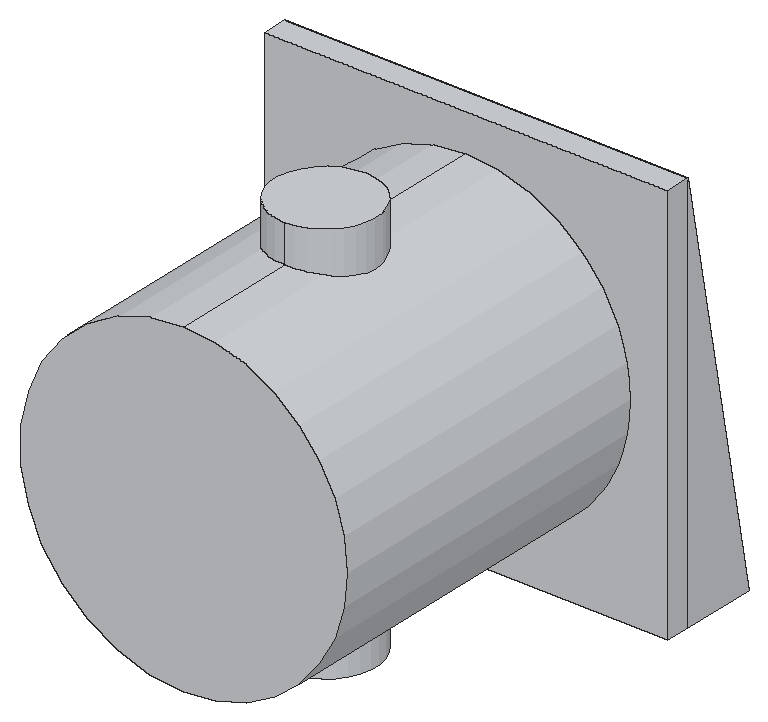
Revit family "KG_Dose_V1700", category Kommunikationsgeräte, Revit 2017
Family settings
  Beschriftungsausrichtung beibehalten = Ja
  Bemaßung runder Anschluss = Durchmesser verwenden
  Teiletyp = Normal
  OmniClass-Nummer = 23.85.00.00
  OmniClass-Titel = Information and Communication
  Arbeitsebenenbasiert = Nein
  Immer vertikal = Ja
  Beim Laden mit Abzugskörper schneiden = Ja
  Gemeinsam genutzt = Nein
  Raumberechnungspunkt = Nein
Parameters (values of type "Antennendose")
  pbr_Material_KZ = ""
  pbr_Material = none
  pbr_E_Typ = ""
  pbr_E_KZ = ""
  pbr_DINBild = 0
  pbr_Bild = 0
  pbr_3Dx_Delta_Korrekturversatz [instance] = 0 mm
  pbr_3DX_Versatzfaktor [instance] = 0
  pbr_2DY_Versatzfaktor [instance] = 0
  pbr_2DX_Versatzfaktor [instance] = 0
  lfd_STRK [instance] = 0
  cpiFitMatchKey [instance] = "KK  EDVD1f"
  Zentrale [instance] = ""
  Typ [instance] = ""
  Text3 [instance] = ""
  Text2 [instance] = ""
  Text1 [instance] = ""
  Planungsbüro Rohling = "www.pbr.de"
  Netzart = ""
  Menge(Dosenzahl) [instance] = 0
  Linie/Anschluss [instance] = ""
  Linie [instance] = ""
  Lastklassifizierung = none
  Installationsart [instance] = ""
  Info [instance] = ""
  Gewerk [instance] = "ANT"
  Bus [instance] = ""
  Breite [instance] = 80 mm
  Betriebsstrom ruhe [instance] = 0
  Betriebsstrom max [instance] = 0
  Eckversatz [instance] = 0 mm
  YFrontversatz [instance] = if(pbr_2DY_Versatzfaktor = 300, 0 mm, pbr_2DY_Versatzfaktor * 300 mm)  # 0 mm
  XSeitenversatz [instance] = if(pbr_2DX_Versatzfaktor = 0, 3000 mm, 3000 mm + (pbr_2DX_Versatzfaktor * 300 mm)) + Eckversatz  # 3000 mm
  X3Dversatz [instance] = if([3DX_Versatzkontrolle] = 0, 2000 mm, 2000 mm + ([3DX_Versatzkontrolle] * (300 mm - Breite))) + pbr_3Dx_Delta_Korrekturversatz  # 2000 mm
  Steckdosenradius = 20 mm
  R_Leerrohranschluss = 10 mm
  Niveau [instance] = 300 mm
  Dosentiefe = 70 mm  # constant formula
  Dosenradius = 65 mm / 2  # 32.5 mm
  D_Leerrohranschluss = 2 * R_Leerrohranschluss  # 20 mm
  Antennendose = yes
  Anschlussdose TAE = no
  3DX_Versatzkontrolle [instance] = if(pbr_3DX_Versatzfaktor = 0, (pbr_2DX_Versatzfaktor * -1), (((-1 * pbr_3DX_Versatzfaktor) + pbr_2DX_Versatzfaktor) * -1))  # 0
Types (2, lengths in mm): name | Antennendose | Anschlussdose TAE
  Antennendose | yes | no
  Anschlussdose_TAE | no | yes
Reference planes
  plane 1 "Mitte (Vorne/Hinten)": y = 0
  plane 2: z = 0
  plane 3 "Mitte (Links/Rechts)": x = 0
  plane 4 "Schalterhinten": y = 0
  plane 5: x = -3000
  plane 6: x = 0
  plane 7: x = -2000
  plane 8: x = -40
  plane 9: x = 40
  plane 10: z = 340
  plane 11: z = 260
  plane 12 "SchalterVorne": y = 5
  plane 13 "3DSchalterMitte": x = 0
  plane 14 "Achse": z = 300
  plane 15: y = -70
  plane 16: y = -35
  plane 17: z = 320
  plane 18: z = 280
  plane 19 "EDV01": x = -20
  plane 20: y = 12.5
Forms (mm)
  Extrusion 1, solid
    sketch origin (0, 20, 0) x (0, 0, 1) y (-1, 0, 0)
      loop
        line (260, 40) -> (260, -40) -> (340, -40) -> (340, 40) -> (260, 40)
    from 15 to 20
  Sweep 2, solid
    path origin (0, 0, 0) x (0, 0, 1) y (0, -1, 0)
      loop
        line (300, 0) -> (300, 70)
    profile origin (0, -35, 300) x (0, 0, -1) y (1, 0, 0)
      loop
        circle (0, 0) r 32.5
  Sweep 3, solid
    path origin (0, 0, 0) x (0, 0, 1) y (0, -1, 0)
      loop
        line (260, 35) -> (340, 35)
    profile origin (0, -35, 300) x (0, -1, 0) y (1, 0, 0)
      loop
        circle (0, 0) r 10
  Extrusion 4, solid
    sketch origin (0, 0, 0) x (0, 1, 0) y (0, 0, 1)
      loop
        line (5, 260) -> (20, 260) -> (5, 340) -> (5, 260)
    from -40 to 40
  Extrusion 5, void
    sketch origin (0, 0, 0) x (1, 0, 0) y (0, 1, 0)
      loop
        circle (0, 12.5) r 5
    from 260 to 270
Cuts and joins
  joined: Extrusion 1, Sweep 2, Sweep 3
  Extrusion 5 cuts Extrusion 4
Dimensions and locks
  "XSeitenversatz": plane 5 to plane 6
  plane 5 to plane 3 "Mitte (Links/Rechts)" = 3000 mm
  "YFrontversatz": plane 1 "Mitte (Vorne/Hinten)" to plane 4 "Schalterhinten"
  plane 9 to plane 8 = 80 mm
  plane 10 to plane 11 = 80 mm
  plane 6 to plane 7 = 2000 mm
  equal spacing: plane 9, plane 13 "3DSchalterMitte", plane 8
  "X3Dversatz": plane 13 "3DSchalterMitte" to plane 7
  equal spacing: plane 10, plane 14 "Achse", plane 11
  "Niveau": plane 14 "Achse" to level
  "Dosentiefe": plane 1 "Mitte (Vorne/Hinten)" to plane 15
  plane 12 "SchalterVorne" to plane 1 "Mitte (Vorne/Hinten)" = 5 mm
  equal spacing: plane 15, plane 16, plane 1 "Mitte (Vorne/Hinten)"
  plane 10 to plane 17 = 20 mm
  plane 18 to plane 11 = 20 mm
  plane 19 "EDV01" to plane 8 = 20 mm
  equal spacing: Extrusion 4, plane 20, Extrusion 4
  locked: cut or joined group of Extrusion 1, Sweep 2, Sweep 3 to cut or joined group of Extrusion 1, Sweep 2, Sweep 3 at 80  (x2)
  locked: cut or joined group of Extrusion 4, Extrusion 5 to cut or joined group of Extrusion 4, Extrusion 5 at 10
  locked: plane 10 to cut or joined group of Extrusion 4, Extrusion 5 at 80  (x2)
  "Breite": cut or joined group of Extrusion 1, Sweep 2, Sweep 3 to cut or joined group of Extrusion 1, Sweep 2, Sweep 3
  "Dosenradius": radius of Sweep 2 sketch curve
  "R_Leerrohranschluss": radius of Sweep 3 sketch curve
  aligned and locked: level to plane 2
  aligned and locked: plane 11 to Extrusion 1 sketch curve
  aligned and locked: plane 8 to Extrusion 1 sketch curve
  aligned and locked: Extrusion 1 sketch curve to plane 10
  aligned and locked: Extrusion 1 sketch curve to plane 9
  aligned and locked: plane 1 "Mitte (Vorne/Hinten)" to Extrusion 1
  aligned and locked: Extrusion 1 to plane 12 "SchalterVorne"
  aligned and locked: Extrusion 4 to cut or joined group of Extrusion 1, Sweep 2, Sweep 3
  aligned and locked: Extrusion 4 to plane 8
  aligned and locked: Extrusion 4 to Extrusion 5
  aligned and locked: nested 1 to plane 6
  aligned and locked: nested 1 to plane 4 "Schalterhinten"
  aligned and locked: nested 2 to plane 6
  aligned and locked: nested 2 to plane 4 "Schalterhinten"
Automatic sketch dimensions
  Sweep 3 sketch curve to plane 11 = 0 mm
  plane 10 to Sweep 3 sketch curve = 0 mm
  Sweep 3 sketch curve to plane 16 = 0 mm
  Sweep 3 sketch curve to plane 13 "3DSchalterMitte" = 0 mm
  Sweep 3 sketch curve to profile plane = 0 mm
  Sweep 2 sketch curve to plane 14 "Achse" = 0 mm
  Sweep 2 sketch curve to plane 1 "Mitte (Vorne/Hinten)" = 0 mm
  Sweep 2 sketch curve to plane 15 = 0 mm
  plane 13 "3DSchalterMitte" to Sweep 2 sketch curve = 0 mm
  Sweep 2 sketch curve to profile plane = 0 mm
  plane 10 to Extrusion 4 sketch curve = 0 mm
  Extrusion 4 sketch curve to plane 12 "SchalterVorne" = 0 mm
  Extrusion 4 sketch curve to plane 11 = 0 mm
  Extrusion 4 sketch curve to plane 12 "SchalterVorne" = 15 mm
  plane 19 "EDV01" to Extrusion 5 sketch curve = 20 mm
  Extrusion 5 sketch curve to plane 20 = 0 mm
  radius of Extrusion 5 sketch curve = 5 mm
Nested families
  nested 1: "Antennendose" at (0, 0, 0), visible <- "Antennendose", type "Antennendose"
  nested 2: "Anschlussdose TAE" at (0, 0, 0), visible <- "Anschlussdose TAE", type "Anschlussdose TAE"
Connectors
  electrical at (0, -35, 340)
    settings: on cut or joined group of Extrusion 1, Sweep 2, Sweep 3, index 1, voltage 230 V, apparent load 0 VA, apparent load phase1 0 VA, apparent load phase2 0 VA, apparent load phase3 0 VA, power factor 1, load classification "Elektro", number of poles 1, system type 14, power factor state 1, is connector primary yes, connector utility no, sub classification motor no, connector description ""
  cabletrayconduit at (0, -35, 340), diameter 20, driven by "D_Leerrohranschluss"
    settings: on cut or joined group of Extrusion 1, Sweep 2, Sweep 3, index 2, connector width 300 mm, connector height 300 mm, connector angle 0.00°, system type 32, placement type 0, profile type 0, connector reference index -1, is primary connector yes, connector utility param no, connector description ""
  cabletrayconduit at (0, -35, 260), diameter 20, driven by "D_Leerrohranschluss"
    settings: on cut or joined group of Extrusion 1, Sweep 2, Sweep 3, index 3, connector width 300 mm, connector height 300 mm, connector angle 0.00°, system type 32, placement type 0, profile type 0, connector reference index -1, is primary connector no, connector utility param no, connector description ""
Definition of nested family "Antennendose"
  Reference planes
    plane 1 "Mitte (Vorne/Hinten)": y = 0
    plane 2: z = 0
    plane 3 "Mitte (Links/Rechts)": x = 0
  Lines and regions (mm)
    detail lines, in view "Referenzebene"
      curve 1: line (0, 171.652, 0) -> (0, -3.348, 0)
      curve 2: line (0, -3.348, 0) -> (0, 177.397, 0)
      curve 3: line (-108, 296.836, 0) -> (-108, 177.397, 0)
      curve 4: line (-108, 177.397, 0) -> (108, 177.397, 0)
      curve 5: line (108, 177.397, 0) -> (108, 295.474, 0)
      curve 6: line (60, 295.474, 0) -> (60, 225.397, 0)
      curve 7: line (60, 225.397, 0) -> (-60, 225.397, 0)
      curve 8: line (-60, 225.397, 0) -> (-60, 295.474, 0)
Definition of nested family "Anschlussdose TAE"
  Reference planes
    plane 1 "Mitte (Vorne/Hinten)": y = 0
    plane 2: z = 0
    plane 3 "Mitte (Links/Rechts)": x = 0
  Lines and regions (mm)
    detail lines, in view "Referenzebene"
      curve 1: line (0, 175.113, 0) -> (0, 0.113, 0)
      curve 2: line (125, 275.113, 0) -> (125, 175.113, 0)
      curve 3: line (125, 175.113, 0) -> (-125, 175.113, 0)
      curve 4: line (-125, 175.113, 0) -> (-125, 275.113, 0)
